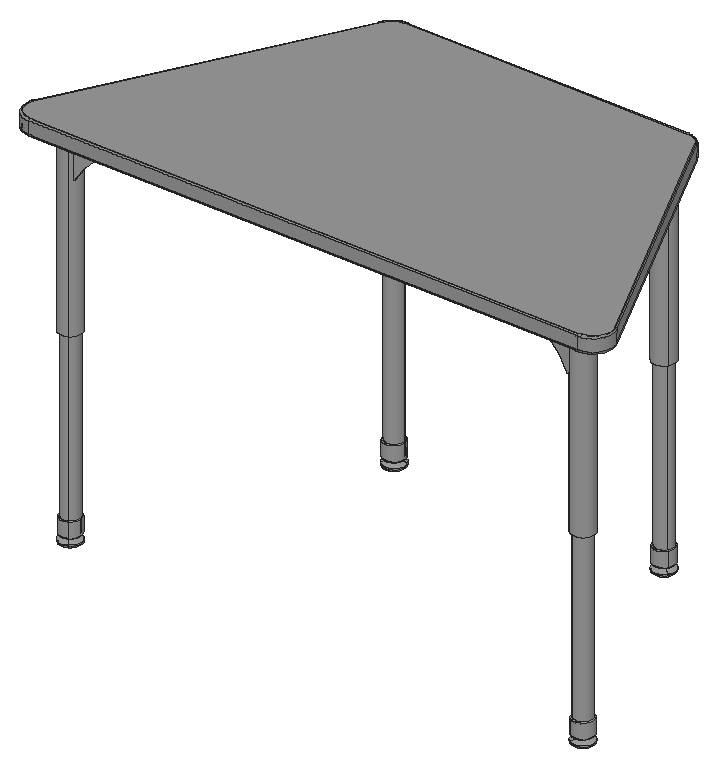
Revit family "Hierarchy Activity 48x24 Trapezoid Table", category Furniture, Revit 2018
Family settings
  Work Plane-Based = No
  Always vertical = Yes
  Cut with Voids When Loaded = No
  Shared = No
  Room Calculation Point = No
Parameters
  Table Height = 2' - 5"
  Surface = Hierarchy Activity 48x24 Trapezoid Table Surface
  Leg Finish = Hierarchy Leg Platinum
  Edgeband = Hierarchy Activity 48x24 Trapezoid Table Edgeband
  Caster/Glide = Hierarchy Leg - Glide : Hierarchy Leg - Glide
Reference planes (in)
  plane 1 "Center (Front/Back)": y = 0
  plane 2: z = 0
  plane 3 "Center (Left/Right)": x = 0
  plane 4: z = 29
Dimensions and locks (in)
  "Table Height": plane 4 to level
  aligned and locked: plane 2 to level
  aligned and locked: nested 1 to plane 4
Nested families (in)
  nested 1: "Activity 48x24 Trapezoid Tabletop" at (0, 0, 5.075), type "Activity 48x24 Trapezoid Tabletop"
  nested 2: "Hierarchy Leg - Glide" at (-10.61204, 9.56432, 0) x (0.8507, 0.5257, 0) z (0, 0, 1), Leg Height <- "Table Height", type <- "Caster/Glide", Leg Finish <- "Leg Finish", type "Hierarchy Leg - Glide"
  nested 3: "Hierarchy Leg - Glide" at (10.61204, 9.56432, 0) x (-0.8507, 0.5257, 0) z (0, 0, 1), Leg Height <- "Table Height", type <- "Caster/Glide", Leg Finish <- "Leg Finish", type "Hierarchy Leg - Glide"
  nested 4: "Hierarchy Leg - Glide" at (-20.15571, -10.33203, 0) x (-0.5257, 0.8507, 0) z (0, 0, 1), Leg Finish <- "Leg Finish", Leg Height <- "Table Height", type "Hierarchy Leg - Glide"
    with Leg Height 2' - 5", Leg Finish Hierarchy Leg Platinum
  nested 5: "Hierarchy Leg - Glide" at (20.15571, -10.33203, 0) x (0.5257, 0.8507, 0) z (0, 0, 1), Leg Finish <- "Leg Finish", Leg Height <- "Table Height", type "Hierarchy Leg - Glide"
    with Leg Height 2' - 5", Leg Finish Hierarchy Leg Platinum
Definition of nested family "Activity 48x24 Trapezoid Tabletop"
  Parameters (values of type "Activity 48x24 Trapezoid Tabletop")
    Surface = none
    Edgeband = none
  Reference planes (in)
    plane 1 "Center (Front/Back)": y = 0
    plane 2: z = 0
    plane 3 "Center (Left/Right)": x = 0
  Forms (in)
    Extrusion 1, solid, material <- "Surface"
      sketch origin (0, 0, 0) x (1, 0, 0) y (0, 1, 0)
        loop
          arc (-22.80895, -10.5) -> (-22.74845, -11.8445) -> (-21.57295, -12.49989) r 1.38189
          line (-21.57295, -12.49989) -> (21.57295, -12.49989)
          arc (21.57295, -12.49989) -> (22.74846, -11.8445) -> (22.80895, -10.5) r 1.38189
          line (22.80895, -10.5) -> (12.30895, 10.5)
          arc (12.30895, 10.5) -> (11.79945, 11.05751) -> (11.07295, 11.26389) r 1.38189
          line (11.07295, 11.26389) -> (-11.07295, 11.26389)
          arc (-11.07295, 11.26389) -> (-11.79945, 11.05751) -> (-12.30895, 10.5) r 1.38189
          line (-12.30895, 10.5) -> (-22.80895, -10.5)
      from 23.925 to 25.125
    Sweep 2, solid, material <- "Edgeband"
      path origin (0, 0, 0) x (1, 0, 0) y (0, 1, 0)
        loop
          line (-21.57295, -12.49989) -> (21.57295, -12.49989)
          arc (21.57295, -12.49989) -> (22.74846, -11.8445) -> (22.80895, -10.5) r 1.38189
          line (22.80895, -10.5) -> (12.30895, 10.5)
          arc (12.30895, 10.5) -> (11.79945, 11.05751) -> (11.07295, 11.26389) r 1.38189
          line (11.07295, 11.26389) -> (-11.07295, 11.26389)
          arc (-11.07295, 11.26389) -> (-11.79945, 11.05751) -> (-12.30895, 10.5) r 1.38189
          line (-12.30895, 10.5) -> (-22.80895, -10.5)
          arc (-22.80895, -10.5) -> (-22.74845, -11.8445) -> (-21.57295, -12.49989) r 1.38189
      profile origin (0, -12.49989, 0) x (0, 1, 0) y (0, 0, 1)
        loop
          arc (0, 25.125) -> (-0.08352, 25.09041) -> (-0.11811, 25.00689) r 0.11811
          line (-0.11811, 25.00689) -> (-0.11811, 24.04311)
          arc (-0.11811, 24.04311) -> (-0.08352, 23.95959) -> (0, 23.925) r 0.11811
          line (0, 23.925) -> (0, 25.125)
  Dimensions and locks (in)
    aligned and locked: plane 2 to level
Definition of nested family "Hierarchy Leg - Glide"
  Parameters (values of type "Hierarchy Leg - Glide")
    Leg Finish [instance] = none
    Leg Height [instance] = 2' - 5"
  Reference planes (in)
    plane 1 "Center (Front/Back)": y = 0
    plane 2: z = 0
    plane 3 "Center (Left/Right)": x = 0
  Forms (in)
    Extrusion 1, solid
      sketch origin (-0.01562, 0, 0) x (1, 0, 0) y (0, 1, 0)
        loop
          circle (0.01563, 0) r 0.67016
      from 0.67618 to 16.17618
    Revolve 2, solid
      sketch origin (0, 0, 0) x (1, 0, 0) y (0, 0, 1)
        loop
          line (-0.73189, 1.80118) -> (-0.79439, 1.73867) -> (-0.79439, 0.61381) -> (-0.73176, 0.55118) -> (-0.125, 0.55118) -> (-0.125, 0.42618) -> (-0.84656, 0.16241) -> (-0.84656, 0.08994) -> (-0.81359, 0) -> (0, 0) -> (0, 1.80118) -> (-0.73189, 1.80118)
        axis (0, 1.80118) -> (0, 0)
      angle from 0 to 360
  Dimensions and locks (in)
    "Leg Height": nested 1 to level
    aligned and locked: plane 2 to level
  Automatic sketch dimensions
    plane 1 "Center (Front/Back)" to Extrusion 1 sketch curve = 0' - 0"
    Extrusion 1 sketch curve to plane 3 "Center (Left/Right)" = 0' - 0"
    Revolve 2 sketch curve to level = 0' - 0"
    Revolve 2 sketch curve to plane 3 "Center (Left/Right)" = 0' - 0"  (x2)
    Revolve 2 sketch curve to plane 3 "Center (Left/Right)" = 0' - 0 1/8"
    Revolve 2 sketch curve to Revolve 2 sketch curve = 0' - 0.60676"
    Revolve 2 sketch curve to Revolve 2 sketch curve = 0' - 0.73189"
    Revolve 2 sketch curve to Revolve 2 sketch curve = 0' - 0.06263"  (x2)
    Revolve 2 sketch curve to Revolve 2 sketch curve = 0' - 0.08183"
    Revolve 2 sketch curve to Revolve 2 sketch curve = 0' - 0.03297"
    level to Revolve 2 sketch curve = 0' - 0.08994"
    Revolve 2 sketch curve to Revolve 2 sketch curve = 0' - 0.07247"
    level to Revolve 2 sketch curve = 0' - 0.42618"
    Revolve 2 sketch curve to Revolve 2 sketch curve = 0' - 0 1/8"
    Revolve 2 sketch curve to Revolve 2 sketch curve = 0' - 1.12486"
    Revolve 2 sketch curve to Revolve 2 sketch curve = 0' - 0 1/16"
    Revolve 2 sketch curve to level = 2' - 0"
    Revolve 2 sketch curve to Revolve 2 sketch curve = 8' - 4.91764"
    radius of Extrusion 1 sketch curve = 0' - 0.67016"
  Nested families (in)
    nested 1: "Hierarchy Upper Leg 2023" at (0, 0, 1.19783), Shapes Leg Finish <- "Leg Finish", type "Hierarchy Upper Leg 2023"
      with Shapes Leg Finish none
  Definition of nested family "Hierarchy Upper Leg 2023"
    Parameters (values of type "Hierarchy Upper Leg 2023")
      Shapes Leg Finish [instance] = none
    Reference planes (in)
      plane 1 "Center (Front/Back)": y = 0
      plane 2: z = 0
      plane 3 "Center (Left/Right)": x = 0
    Forms (in)
      Extrusion 1, solid, material <- "Shapes Leg Finish"
        sketch origin (0, 0, 0) x (1, 0, 0) y (0, 1, 0)
          loop
            circle (0, 0) r 0.84802
        from 13.67618 to 27.67618
      Extrusion 2, solid, material <- "Shapes Leg Finish"
        sketch origin (0, 0, 0) x (1, 0, 0) y (0, 1, 0)
          loop
            line (-1.70174, 0.19183) -> (-2.88626, -2.26116)
            arc (-2.88626, -2.26116) -> (-2.83993, -3.09822) -> (-2.1063, -3.50394) r 0.86614
            line (-2.1063, -3.50394) -> (2.1063, -3.50394)
            arc (2.1063, -3.50394) -> (2.83993, -3.09822) -> (2.88626, -2.26116) r 0.86614
            line (2.88626, -2.26116) -> (1.70174, 0.19183)
            arc (1.70174, 0.19183) -> (0, 1.25984) -> (-1.70174, 0.19183) r 1.88976
        from 27.67618 to 27.80217
      Extrusion 3, solid, material <- "Shapes Leg Finish"
        sketch origin (-1.48519, 8.66524, 0) x (-0.434844, 0.900506, 0) y (0, 0, 1)
          loop
            line (-9.01425, 27.67618) -> (-11.80952, 27.67618)
            arc (-11.80952, 27.67618) -> (-11.92325, 27.58993) -> (-11.87088, 27.45715) r 0.11811
            arc (-11.87088, 27.45715) -> (-10.39364, 26.29679) -> (-9.23328, 24.81955) r 7.87402
            arc (-9.23328, 24.81955) -> (-9.1005, 24.76717) -> (-9.01425, 24.88091) r 0.11811
            line (-9.01425, 24.88091) -> (-9.01425, 27.67618)
        from -1.94075 to -1.81476
      Extrusion 4, solid, material <- "Shapes Leg Finish"
        sketch origin (1.48519, 8.66524, 0) x (0.434844, 0.900506, 0) y (0, 0, -1)
          loop
            line (-9.01425, -27.67618) -> (-9.01425, -24.88091)
            arc (-9.01425, -24.88091) -> (-9.1005, -24.76717) -> (-9.23328, -24.81955) r 0.11811
            arc (-9.23328, -24.81955) -> (-10.39364, -26.29679) -> (-11.87088, -27.45715) r 7.87402
            arc (-11.87088, -27.45715) -> (-11.92325, -27.58993) -> (-11.80952, -27.67618) r 0.11811
            line (-11.80952, -27.67618) -> (-9.01425, -27.67618)
        from -1.94075 to -1.81476
    Dimensions and locks (in)
      aligned and locked: plane 2 to level
